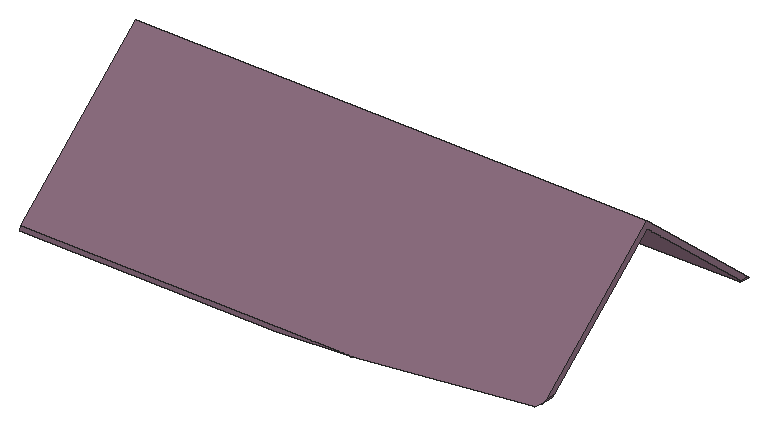
Revit family "NBS_TapcoRoofingProducts_RcnstttdSltCrsngFitngs_TapcoSlate_ClassicRidgeAndHipCap", category Generic Models, Revit 2019
Family settings
  Can host rebar = No
  Round Connector Dimension = Use Diameter
  Part Type = Normal
  Cut with Voids When Loaded = No
  Shared = No
  Room Calculation Point = No
Parameters (values of type "TapcoSlate_ClassicRidgeAndHipCap_706Plum")
  WarrantyStartDate [instance] = "1900-12-31T23:59:59"
  WarrantyGuarantorParts = "n/a"
  WarrantyGuarantorLabor = "n/a"
  WarrantyDurationUnit = "year"
  WarrantyDurationParts = "n/a"
  WarrantyDurationLabor = "n/a"
  WarrantyDescription = "40-years"
  Version = "1"  # constant formula
  Uniclass2015Version = "Products v1.20"
  Uniclass2015Title = "Reconstituted slate coursing fittings"
  Uniclass2015Code = "Pr_25_93_72_73"
  ThermalTransmittance = 0
  TagNumber [instance] = "n/a"
  SustainabilityPerformance = "n/a"
  SurfaceSpreadOfFlame = "n/a"
  Status = "UNSET"
  Size = "440 x 160 mm"
  Shape = "Rectangular"
  SerialNumber [instance] = "n/a"
  Revision = "n/a"
  ReplacementCost = "n/a"
  Reference = "n/a"
  ProductInformation = "https://www.tapcoroofingproducts.com/product/classic-ridge/"
  NominalWidth = 160 mm
  NominalLength = 440 mm
  NominalHeight = 0 mm
  Name = "ReconstitutedSlatesCoursingFittings_TapcoSlate_ClassicRidgeAndHipCap_706Plum_TapcoRoofingProducts"
  NBSReference = "45-80-90/388"
  NBSDescription = "Reconstituted slates coursing fittings"
  NBSCertification = "www.nationalbimlibrary.com/cert/3cmgs1v5"
  ModelReference = "TapcoSlate_ClassicRidgeAndHipCap_706Plum"
  ModelNumber = "706"
  Material = "Virgin limestone, polypropylene"
  ManufacturerURL = "www.tapcoroofingproducts.com"
  ManufacturerName = "Tapco Roofing Products"  # constant formula
  Manufacturer = "international@tapcoint.com"
  IsExternal = yes
  InstallationDate [instance] = "1900-12-31T23:59:59"
  IfcExportType = "ROOFING"  # constant formula
  IfcExportAs = "IfcCoveringType"  # constant formula
  Grade = "n/a"
  FragilityRating = "n/a"
  FlammabilityRating = "BS476 Part 3, Boarded Roof SAA, Battened Roof SAC"
  Fittings = "n/a"
  FireRating = "BS476 Part 3, Boarded Roof SAA, Battened Roof SAC"
  Finish = "n/a"
  Features = "Universal fitment for any angle, degree of flexibility when fixing and have the same properties as our roofing slate, lightweight – as low as 12 kg per square metre, easy to install with pre-marked nailing guides and spacers, easily cut with a fine-toothed saw or sharp utility blade, ridges and hips are mechanically fixed, fully tested to BBA, ETA and CE standards, including fire rating, water absorption, wind, driven snow and rain"
  ExpectedLife = "80+ years"
  DurationUnit = "year"
  Description = "A dry-fix ridge and hip cap manufactured in the same material as Tapco Slate Classic to match the roof slate"
  Constituents = "n/a"
  Combustible = yes
  Colour = "Plum"
  Color = "Plum"
  CodePerformance = "Fully tested to BBA, ETA and CE standards"
  ClassicRidgeMaterial = NBS_TapcoRoofingProducts_Slate_706Plum
  RidgeAngle [instance] = 40.00°
  built-in parameter 1001306 [instance] = 445 mm
  Category = "Pr_25_93_72_73:Reconstituted slate coursing fittings"
  BarCode [instance] = "n/a"
  BIMObjectName = "NBS_TapcoRoofingProducts_ReconstitutedSlatesCoursingFittings_TapcoSlate_ClassicRidgeAndHipCap_706Plum"
  Author = "NBS"  # constant formula
  AssetType = "Fixed"
  AssetIdentifier [instance] = "n/a"
  Applications = "For all roofs"
  AcousticRating = "n/a"
  AccessibilityPerformance = "n/a"
Types (9, lengths in mm): name | Name | ModelReference | ModelNumber | Colour | Color | ClassicRidgeMaterial | BIMObjectName
  (no name) | "ReconstitutedSlatesCoursingFittings_TapcoSlate_ClassicRidgeAndHipCap_706Plum_TapcoRoofingProducts" | "TapcoSlate_ClassicRidgeAndHipCap_706Plum" | "706" | "Plum" | "Plum" | NBS_TapcoRoofingProducts_Slate_706Plum | "NBS_TapcoRoofingProducts_ReconstitutedSlatesCoursingFittings_TapcoSlate_ClassicRidgeAndHipCap_706Plum"
  TapcoSlate_ClassicRidgeAndHipCap_804PewterGrey | "ReconstitutedSlatesCoursingFittings_TapcoSlate_ClassicRidgeAndHipCap_804PewterGrey_TapcoRoofingProducts" | "TapcoSlate_ClassicRidgeAndHipCap_804PewterGrey" | "804" | "Pewter grey" | "Pewter grey" | NBS_TapcoRoofingProducts_Slate_804PewterGrey | "NBS_TapcoRoofingProducts_ReconstitutedSlatesCoursingFittings_TapcoSlate_ClassicRidgeAndHipCap_804PewterGrey"
  TapcoSlate_ClassicRidgeAndHipCap_809RedRock | "ReconstitutedSlatesCoursingFittings_TapcoSlate_ClassicRidgeAndHipCap_809RedRock_TapcoRoofingProducts" | "TapcoSlate_ClassicRidgeAndHipCap_809RedRock" | "809" | "Red rock" | "Red rock" | NBS_TapcoRoofingProducts_Slate_809RedRock | "NBS_TapcoRoofingProducts_ReconstitutedSlatesCoursingFittings_TapcoSlate_ClassicRidgeAndHipCap_809RedRock"
  TapcoSlate_ClassicRidgeAndHipCap_814OliveGreen | "ReconstitutedSlatesCoursingFittings_TapcoSlate_ClassicRidgeAndHipCap_814OliveGreen_TapcoRoofingProducts" | "TapcoSlate_ClassicRidgeAndHipCap_814OliveGreen" | "814" | "Olive green" | "Olive green" | NBS_TapcoRoofingProducts_Slate_814OliveGreen | "NBS_TapcoRoofingProducts_ReconstitutedSlatesCoursingFittings_TapcoSlate_ClassicRidgeAndHipCap_814OliveGreen"
  TapcoSlate_ClassicRidgeAndHipCap_801StoneBlack | "ReconstitutedSlatesCoursingFittings_TapcoSlate_ClassicRidgeAndHipCap_801StoneBlack_TapcoRoofingProducts" | "TapcoSlate_ClassicRidgeAndHipCap_801StoneBlack" | "801" | "Stone black" | "Stone black" | NBS_TapcoRoofingProducts_Slate_801StoneBlack | "NBS_TapcoRoofingProducts_ReconstitutedSlatesCoursingFittings_TapcoSlate_ClassicRidgeAndHipCap_801StoneBlack"
  TapcoSlate_ClassicRidgeAndHipCap_706Plum | "ReconstitutedSlatesCoursingFittings_TapcoSlate_ClassicRidgeAndHipCap_706Plum_TapcoRoofingProducts" | "TapcoSlate_ClassicRidgeAndHipCap_706Plum" | "706" | "Plum" | "Plum" | NBS_TapcoRoofingProducts_Slate_706Plum | "NBS_TapcoRoofingProducts_ReconstitutedSlatesCoursingFittings_TapcoSlate_ClassicRidgeAndHipCap_706Plum"
  TapcoSlate_ClassicRidgeAndHipCap_709BrickRed | "ReconstitutedSlatesCoursingFittings_TapcoSlate_ClassicRidgeAndHipCap_709BrickRed_TapcoRoofingProducts" | "TapcoSlate_ClassicRidgeAndHipCap_709BrickRed" | "709" | "Brick red" | "Brick red" | NBS_TapcoRoofingProducts_Slate_709BrickRed | "NBS_TapcoRoofingProducts_ReconstitutedSlatesCoursingFittings_TapcoSlate_ClassicRidgeAndHipCap_709BrickRed"
  TapcoSlate_ClassicRidgeAndHipCap_712ChestnutBrown | "ReconstitutedSlatesCoursingFittings_TapcoSlate_ClassicRidgeAndHipCap_712ChestnutBrown_TapcoRoofingProducts" | "TapcoSlate_ClassicRidgeAndHipCap_712ChestnutBrown" | "712" | "Chestnut brown" | "Chestnut brown" | NBS_TapcoRoofingProducts_Slate_712ChestnutBrown | "NBS_TapcoRoofingProducts_ReconstitutedSlatesCoursingFittings_TapcoSlate_ClassicRidgeAndHipCap_712ChestnutBrown"
  TapcoSlate_ClassicRidgeAndHipCap_790CoachmanMix | "ReconstitutedSlatesCoursingFittings_TapcoSlate_ClassicRidgeAndHipCap_790CoachmanMix_TapcoRoofingProducts" | "TapcoSlate_ClassicRidgeAndHipCap_790CoachmanMix" | "790" | "Coachman mix" | "Coachman mix" | NBS_TapcoRoofingProducts_Slate_790CoachmanMix | "NBS_TapcoRoofingProducts_ReconstitutedSlatesCoursingFittings_TapcoSlate_ClassicRidgeAndHipCap_790CoachmanMix"
Reference planes
  plane 1 "Center (Front/Back)": y = 0
  plane 2: z = 0
  plane 3 "Left": x = 0
  plane 4 "Right": x = 445
  plane 5: z = 6.535
  plane 6: y = -1412.558
  plane 7: z = 92.967
  plane 8: y = 125.794
Forms (mm)
  Extrusion 1, solid, material "NBS_TapcoRoofingProducts_Slate_706Plum" <- "ClassicRidgeMaterial"
    sketch origin (0, 0, 0) x (0, 1, 0) y (0, 0, 1)
      loop
        line (125.785, -99.011) -> (0, 6.535) -> (-125.77, -98.999) -> (-125.77, -102.846) -> (-122.567, -102.846) -> (0, 0) -> (122.567, -102.846) -> (125.785, -102.846) -> (125.785, -99.011)
    from 0 to 445
  Extrusion 2, void
    sketch origin (0, 0, 0) x (1, 0, 0) y (0, 0, 1)
      loop
        line (211.01, -103.577) -> (211.01, -120.12) -> (457.89, -120.12) -> (457.89, -85.12) -> (445, -85.12)
        arc (445, -85.12) -> (442.008, -88.758) -> (437.557, -90.299) r 8.683
        line (437.557, -90.299) -> (211.01, -103.577)
    from -162.984 to 194.569
Cuts and joins
  Extrusion 2 cuts Extrusion 1
Lines and regions (mm)
  reference lines
    curve 1: line (0, 0, 0) -> (445, 0, 0)
    curve 2: line (0, 0, 0) -> (0, -122.567, -102.846)
    curve 3: line (0, 0, 0) -> (0, 122.567, -102.846)
    curve 4: line (0, 125.785, -99.011) -> (0, 0, 6.535)
    curve 5: line (0, 0, 6.535) -> (0, -125.77, -98.999)
    curve 6: line (0, 125.785, -99.011) -> (0, 125.785, -102.846)
    curve 7: line (0, 122.567, -102.846) -> (0, 125.785, -102.846)
    curve 8: line (0, -122.567, -102.846) -> (0, -125.77, -102.846)
    curve 9: line (0, -125.77, -102.846) -> (0, -125.77, -98.999)
Dimensions and locks
  "built-in parameter 1001306": plane 3 "Left" to plane 4 "Right"
  locked: plane 2 to plane 5 at 6.535
  locked: curve 2 to curve 5 at 5.006
  locked: curve 7 to curve 3 at 160
  locked: curve 3 to curve 8 at 160
  locked: curve 3 to curve 4 at 5.006
  locked: curve 7 to curve 7 at 3.218
  "RidgeAngle": angle plane 2 to curve 3
  "RidgeAngle": angle curve 2 to plane 2
  aligned and locked: plane 4 "Right" to curve 1
  aligned and locked: plane 1 "Center (Front/Back)" to curve 1
  aligned and locked: plane 3 "Left" to curve 1
  aligned and locked: level to plane 2
  aligned and locked: plane 1 "Center (Front/Back)" to curve 5
  aligned and locked: plane 5 to curve 5
  aligned and locked: plane 1 "Center (Front/Back)" to curve 3
  aligned and locked: Extrusion 1 sketch curve to curve 4
  aligned and locked: Extrusion 1 sketch curve to curve 3
  aligned and locked: Extrusion 1 sketch curve to curve 5
  aligned and locked: Extrusion 1 sketch curve to curve 2
  aligned and locked: Extrusion 1 sketch curve to curve 8
  aligned and locked: Extrusion 1 sketch curve to curve 9
  aligned and locked: Extrusion 1 sketch curve to curve 7
  aligned and locked: Extrusion 1 sketch curve to curve 6
  aligned and locked: plane 4 "Right" to Extrusion 1
Automatic sketch dimensions
  Extrusion 2 sketch curve to plane 4 "Right" = 0 mm
  Extrusion 2 sketch curve to plane 4 "Right" = 7.443 mm
  Extrusion 2 sketch curve to plane 4 "Right" = 7.951 mm
  plane 4 "Right" to Extrusion 2 sketch curve = 12.89 mm
  Extrusion 2 sketch curve to Extrusion 2 sketch curve = 29.821 mm
  Extrusion 2 sketch curve to Extrusion 2 sketch curve = 5.179 mm
  Extrusion 2 sketch curve to level = 103.577 mm
  plane 3 "Left" to Extrusion 2 sketch curve = 211.01 mm
  Extrusion 2 sketch curve to level = 120.12 mm
  curve 9 to curve 2 = 3.203 mm
